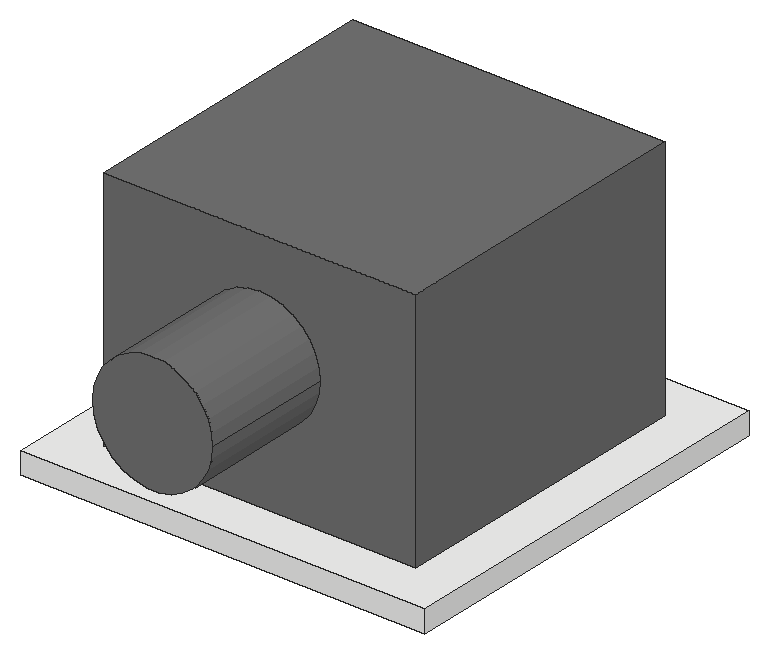
Revit family "vd-10_15z(p)(p)(s)c14-bl_50Hz", category 機械設備, Revit 2019
Family settings
  丸型コネクタ寸法 = 直径を使用
  パーツ タイプ = 標準
  OmniClass 番号 = 23.75.35.17.27
  OmniClass タイトル = Centrifugal Fans
  作業面ベース = いいえ
  常に垂直 = はい
  ロード時にボイドで切り取り = いいえ
  共有 = いいえ
  部屋計算ポイント = はい
Parameters (values of type "VD-15ZPPC14-BL")
  騒音レベル(dB(A)) [instance] = 31.5
  風量 [instance] = 195.0 m³/h
  電源種別 [instance] = ""
  電圧 = 100 V
  電動機出力 = 0 W
  電動機_種別 [instance] = ""
  運転質量 = 0.00 kg
  連動 [instance] = ""
  質量 = if(製品質量 > 運転質量, 製品質量, 運転質量) * 1.2  # 3.84 kg
  負荷分類 = 3_ファン類
  説明 = "優良住宅部品(BL部品)認定 ダクト用換気扇<換気ユニット サニタリー用ファン 浴室用Ⅲ型>"
  設計風量 [instance] = 0.0 m³/h
  設置方法 = "天埋"
  記号 [instance] = ""
  製造元 = "三菱電機株式会社"
  製品質量 = 3.20 kg
  製品出荷対象 = "国内"
  製品リリース年月 = "2024年6月3日"
  製品グループ = ""
  系統 [instance] = ""
  符号 [instance] = if(☑給気／□排気, "FS", "FE")  # "FE"
  積算_科目 = "2 換気設備"
  積算_拾い区分 [instance] = ""
  相 = 1
  盤記号 [instance] = ""
  発停方法 [instance] = ""
  特殊仕様 [instance] = ""
  火災停止 [instance] = ""
  消費電力 = 26.5 W
  法定耐用年数 = "15"
  機外静圧 [instance] = 0.0 Pa
  極数 = 2
  材質 [instance] = ""
  操作・制御方式 = ""
  操作・制御スイッチ = ""
  排気量 [instance] = if(☑給気／□排気, 0.0 m³/h, 設計風量)  # 0.0 m³/h
  形式 = "天井埋込ダクト形"
  幹線記号 [instance] = ""
  対象室 [instance] = ""
  実風量 [instance] = 0.0 m³/h
  始動方式 [instance] = "直入"
  外気量 [instance] = if(☑給気／□排気, 設計風量, 0.0 m³/h)  # 0.0 m³/h
  呼称 = "天井扇"
  周波数 = 50 Hz
  参照している仕様書等のバージョン = ""
  分類コード = "50052503100030"
  分類グループ = ""
  価格 = 47600
  企業コード = "108420"
  付属品_防振装置 = ""
  付属品 [instance] = ""
  仕様書バージョン = "Version1.0"
  モデル = "VD-15ZPPC14-BL"
  マテリアル = 合成樹脂(黒)
  ファンの種類 = ""
  ダクト径 = 100 mm
  コメント [instance] = ""
  Keynote = ""
  カバーマテリアル = 合成樹脂(白)
  ☑給気／□排気 [instance] = no
  Width = 254 mm
  W1 = 330 mm
  Version = ""
  Uniclass2015Version = "Systems v1.9"
  Uniclass2015Title = "Centrifugal fans"
  Uniclass2015Code = "Pr_65_67_29_12"
  URL = "https://www.mitsubishielectric.co.jp/ldg/wink/qr/002/333630/"
  SpecificationReference = ""
  SpecificationDescription = ""
  Revision = ""
  ProductInformation = ""
  OmniClassCode = "23-33 31 19 11 15"
  OAサイズ_D = 0 mm
  MIN風量 = 135.0 m³/h
  MIN静圧 = 0.0 Pa
  MID風量 = 0.0 m³/h
  MID静圧 = 0.0 Pa
  MAX風量 = 195.0 m³/h
  MAX静圧 = 0.0 Pa
  IfcTypeProduct = ""
  IfcProduct = ""
  IfcExportType = "PROPELLORAXIAL"
  IfcExportAs = "IfcFanType"
  Height = 200 mm
  H1 = 18 mm
  EAサイズ_D = 98 mm
  Duct_Height = 109 mm
  Duct_Depth = 109 mm
  Duct_Center = 0 mm
  Depth = 254 mm
  D1 = 330 mm
  Author = "三菱電機株式会社"
Types (6, lengths in mm): name | 騒音レベル(dB(A)) | 風量 | 質量 | 説明 | 製品質量 | 消費電力 | 価格 | モデル | Width | W1 | URL | MIN風量 | MAX風量 | Height | H1 | Duct_Height | Duct_Center | Depth | D1
  VD-10ZC14-BL | 21.5 | 90.0 m³/h | 1.92 kg | "優良住宅部品(BL部品)認定 ダクト用換気扇<換気ユニット サニタリー用ファン 浴室用I型>" | 1.60 kg | 7.2 W | 26800 | "VD-10ZC14-BL" | 174 | 250 | "https://www.mitsubishielectric.co.jp/ldg/wink/qr/002/333556/" | 0.0 m³/h | 90.0 m³/h | 184 | 15 | 102 | 0 | 174 | 250
  VD-13ZC14-BL | 27.5 | 125.0 m³/h | 2.16 kg | "優良住宅部品(BL部品)認定 ダクト用換気扇<換気ユニット サニタリー用ファン 浴室用I型>" | 1.80 kg | 13 W | 30800 | "VD-13ZC14-BL" | 198 | 286 | "https://www.mitsubishielectric.co.jp/ldg/wink/qr/002/333580/" | 0.0 m³/h | 125.0 m³/h | 195 | 15 | 102 | 56 | 198 | 286
  VD-13ZSC14-BL | 28.5 | 125.0 m³/h | 2.16 kg | "優良住宅部品(BL部品)認定 ダクト用換気扇<換気ユニット サニタリー用ファン 浴室用I型>" | 1.80 kg | 13 W | 33600 | "VD-13ZSC14-BL" | 204 | 286 | "https://www.mitsubishielectric.co.jp/ldg/wink/qr/002/333595/" | 0.0 m³/h | 125.0 m³/h | 195 | 15 | 109 | 0 | 204 | 286
  VD-15ZC14-BL | 28.5 | 180.0 m³/h | 3.72 kg | "優良住宅部品(BL部品)認定 ダクト用換気扇<換気ユニット サニタリー用ファン 浴室用Ⅱ型>" | 3.10 kg | 18 W | 32800 | "VD-15ZC14-BL" | 254 | 330 | "https://www.mitsubishielectric.co.jp/ldg/wink/qr/002/333603/" | 95.0 m³/h | 180.0 m³/h | 200 | 18 | 109 | 0 | 254 | 330
  VD-15ZPC14-BL | 34 | 220.0 m³/h | 3.72 kg | "優良住宅部品(BL部品)認定 ダクト用換気扇<換気ユニット サニタリー用ファン 浴室用Ⅲ型>" | 3.10 kg | 22 W | 36600 | "VD-15ZPC14-BL" | 254 | 330 | "https://www.mitsubishielectric.co.jp/ldg/wink/qr/002/333627/" | 95.0 m³/h | 220.0 m³/h | 200 | 18 | 109 | 0 | 254 | 330
  VD-15ZPPC14-BL | 31.5 | 195.0 m³/h | 3.84 kg | "優良住宅部品(BL部品)認定 ダクト用換気扇<換気ユニット サニタリー用ファン 浴室用Ⅲ型>" | 3.20 kg | 26.5 W | 47600 | "VD-15ZPPC14-BL" | 254 | 330 | "https://www.mitsubishielectric.co.jp/ldg/wink/qr/002/333630/" | 135.0 m³/h | 195.0 m³/h | 200 | 18 | 109 | 0 | 254 | 330
Reference planes
  plane 1 "中心(正面/背面)": y = 0
  plane 2: z = 0
  plane 3 "中心(左/右)": x = 0
  plane 4: x = -165
  plane 5: x = 165
  plane 6: y = 165
  plane 7: y = -165
  plane 8: x = -127
  plane 9: x = 127
  plane 10: y = 127
  plane 11: y = -127
  plane 12: y = -236
  plane 13: z = 200
  plane 14: z = -18
  plane 15: z = 109
  plane 16: x = 0
Forms (mm)
  Extrusion 1, solid, material "合成樹脂(黒)" <- "マテリアル", detail levels fine
    sketch origin (0, 0, 0) x (1, 0, 0) y (0, 1, 0)
      loop
        line (-127, 127) -> (-127, -127) -> (127, -127) -> (127, 127) -> (-127, 127)
    from 0 to 200
  Extrusion 2, solid, material "合成樹脂(白)" <- "カバーマテリアル", detail levels fine
    sketch origin (0, 0, 0) x (1, 0, 0) y (0, 1, 0)
      loop
        line (-165, 165) -> (-165, -165) -> (165, -165) -> (165, 165) -> (-165, 165)
    from 0 to -18
  Extrusion 3, solid, material "合成樹脂(黒)" <- "マテリアル", detail levels fine
    sketch origin (0, 0, 0) x (1, 0, 0) y (0, 0, 1)
      loop
        circle (0, 109) r 49
    from 127 to 236
Dimensions and locks
  equal spacing: plane 4, plane 3 "中心(左/右)", plane 5
  "W1": plane 4 to plane 5
  equal spacing: plane 6, plane 1 "中心(正面/背面)", plane 7
  "D1": plane 6 to plane 7
  equal spacing: plane 8, plane 3 "中心(左/右)", plane 9
  "Width": plane 8 to plane 9
  equal spacing: plane 10, plane 1 "中心(正面/背面)", plane 11
  "Depth": plane 10 to plane 11
  "Duct_Depth": plane 11 to plane 12
  "Height": plane 13 to plane 2
  "Duct_Height": plane 15 to plane 2
  "H1": plane 2 to plane 14
  "Duct_Center": plane 3 "中心(左/右)" to plane 16
  "EAサイズ_D": diameter of Extrusion 3 sketch curve
  aligned and locked: level to plane 2
  aligned and locked: plane 5 to Extrusion 2
  aligned and locked: plane 6 to Extrusion 2
  aligned and locked: Extrusion 2 to plane 4
  aligned and locked: Extrusion 2 to plane 7
  aligned and locked: plane 9 to Extrusion 1
  aligned and locked: Extrusion 1 to plane 11
  aligned and locked: Extrusion 1 to plane 8
  aligned and locked: plane 10 to Extrusion 1
  aligned and locked: plane 13 to Extrusion 1
  aligned and locked: Extrusion 2 to plane 14
  aligned and locked: level to Extrusion 2
  aligned and locked: Extrusion 1 to level
  aligned and locked: Extrusion 3 to plane 12
  aligned and locked: plane 11 to Extrusion 3
Automatic sketch dimensions
  Extrusion 1 sketch curve to plane 3 "中心(左/右)" = 127 mm
  plane 3 "中心(左/右)" to Extrusion 1 sketch curve = 127 mm
  Extrusion 2 sketch curve to plane 3 "中心(左/右)" = 165 mm
  plane 3 "中心(左/右)" to Extrusion 2 sketch curve = 165 mm
  plane 1 "中心(正面/背面)" to Extrusion 1 sketch curve = 127 mm
  Extrusion 1 sketch curve to plane 1 "中心(正面/背面)" = 127 mm
  plane 1 "中心(正面/背面)" to Extrusion 2 sketch curve = 165 mm
  Extrusion 2 sketch curve to plane 1 "中心(正面/背面)" = 165 mm
  Extrusion 3 sketch curve to plane 15 = 0 mm
  Extrusion 3 sketch curve to plane 16 = 0 mm
Nested families
  nested 1: "記号_天井換気扇_平面" at (0, 0, 0), type "記号_天井換気扇_平面", detail levels coarse+medium
Connectors
  hvac at (0, -236, 109), driven by "ダクト径", driven by "風量", driven by "機外静圧"
    settings: on Extrusion 3, index 1, duct flow 195.0 m³/h, flow factor 0, pres drop 0.0 Pa, loss coef 0, conn angle 0.00°, conn width 304.8 mm, conn height 304.8 mm, conn diameter 100 mm, duct sys type 3, conn prof type 0, flow config 0, flow direction 2, loss method 4, conn ref index -1, conn util no, is conn primary yes, conn desc ""
  electrical at (0, 0, 200), driven by "極数", driven by "負荷分類", driven by "電圧", driven by "消費電力"
    settings: on Extrusion 1, index 2, voltage 100 V, apparent load 26.5 VA, apparent load phase1 0 VA, apparent load phase2 0 VA, apparent load phase3 0 VA, power factor 1, load classification "3_ファン類", number of poles 2, system type 30, power factor state 1, is connector primary yes, connector utility no, sub classification motor no, connector description ""
Definition of nested family "記号_天井換気扇_平面"
  Reference planes
    plane 1: y = 0
    plane 2: x = 0
  Lines and regions (mm)
    detail lines
      curve 1: line (-2.5, 2.5, 0) -> (2.5, 2.5, 0)
      curve 2: line (-2.5, -2.5, 0) -> (-2.5, 2.5, 0)
      curve 3: line (2.5, -2.5, 0) -> (-2.5, -2.5, 0)
      curve 4: line (2.5, 2.5, 0) -> (2.5, -2.5, 0)
      curve 5: circle (-1.04, -1.04, 0) r 1.46 normal (0, 0, 1)
      curve 6: circle (1.04, 1.04, 0) r 1.46 normal (0, 0, 1)
      curve 7: line (-3.125, 3.125, 0) -> (3.125, 3.125, 0)
      curve 8: line (-3.125, -3.125, 0) -> (-3.125, 3.125, 0)
      curve 9: line (3.125, -3.125, 0) -> (-3.125, -3.125, 0)
      curve 10: line (3.125, 3.125, 0) -> (3.125, -3.125, 0)
      curve 11: circle (1.295, 1.295, 0) r 1.83 normal (0, 0, 1)
      curve 12: circle (-1.295, -1.295, 0) r 1.83 normal (0, 0, 1)
      curve 13: line (-2, 2, 0) -> (2, 2, 0)
      curve 14: line (-2, -2, 0) -> (-2, 2, 0)
      curve 15: line (2, -2, 0) -> (-2, -2, 0)
      curve 16: line (2, 2, 0) -> (2, -2, 0)
      curve 17: circle (0.84, 0.84, 0) r 1.16 normal (0, 0, 1)
      curve 18: circle (-0.84, -0.84, 0) r 1.2 normal (0, 0, 1)
